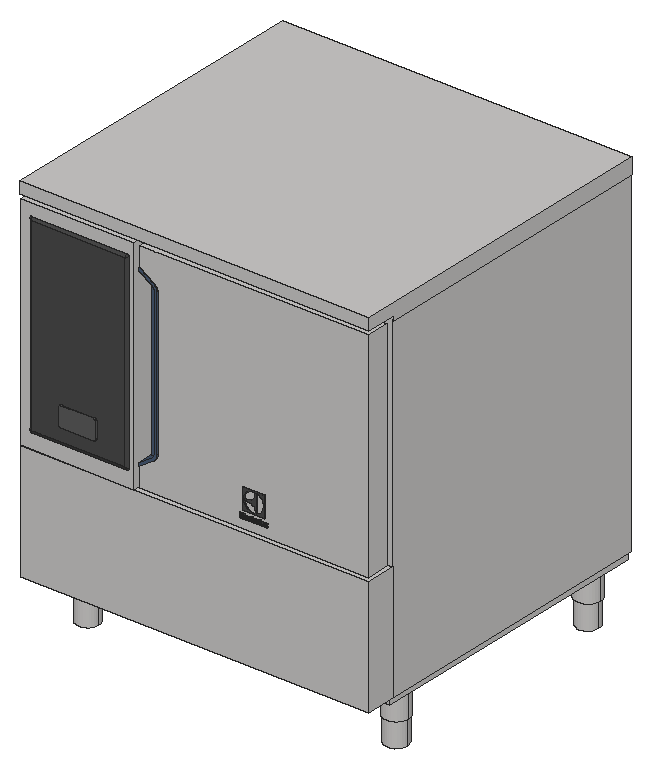
Revit family "QF_ELECTROLUXPROFESSIONAL_727783_EBFA61UTE", category Specialty Equipment, Revit 2018 (continued)
Automatic sketch dimensions
  Split face 46 sketch curve to Split face 46 sketch curve = 110.015 mm
  Split face 46 sketch curve to Split face 46 sketch curve = 5.027 mm
  Split face 47 sketch curve to Extrusion 9 = 81.175 mm
  Split face 47 sketch curve to Extrusion 9 = 377.596 mm
  Split face 47 sketch curve to Split face 47 sketch curve = 110.015 mm
  Split face 47 sketch curve to Split face 47 sketch curve = 5.027 mm
  Split face 48 sketch curve to Extrusion 9 = 71.703 mm
  Split face 48 sketch curve to Extrusion 9 = 377.596 mm
  Split face 48 sketch curve to Split face 48 sketch curve = 110.015 mm
  Split face 48 sketch curve to Split face 48 sketch curve = 5.027 mm
  Split face 49 sketch curve to Extrusion 9 = 62.231 mm
  Split face 49 sketch curve to Extrusion 9 = 377.596 mm
  Split face 49 sketch curve to Split face 49 sketch curve = 110.015 mm
  Split face 49 sketch curve to Split face 49 sketch curve = 5.027 mm
  Split face 50 sketch curve to Extrusion 9 = 52.758 mm
  Split face 50 sketch curve to Extrusion 9 = 377.596 mm
  Split face 50 sketch curve to Extrusion 9 = 47.731 mm
  Split face 50 sketch curve to Split face 50 sketch curve = 110.015 mm
  Split face 51 sketch curve to Extrusion 9 = 43.286 mm
  Split face 51 sketch curve to Extrusion 9 = 377.596 mm
  Split face 51 sketch curve to Extrusion 9 = 38.259 mm
  Split face 51 sketch curve to Split face 51 sketch curve = 110.015 mm
  Split face 52 sketch curve to Extrusion 9 = 33.814 mm
  Split face 52 sketch curve to Extrusion 9 = 377.596 mm
  Split face 52 sketch curve to Extrusion 9 = 28.787 mm
  Split face 52 sketch curve to Split face 52 sketch curve = 110.015 mm
  Split face 53 sketch curve to Extrusion 9 = 31.361 mm
  Split face 53 sketch curve to Extrusion 9 = 262.581 mm
  Split face 53 sketch curve to Extrusion 9 = 36.388 mm
  Split face 53 sketch curve to Split face 53 sketch curve = 110.015 mm
  Split face 54 sketch curve to Extrusion 9 = 40.833 mm
  Split face 54 sketch curve to Extrusion 9 = 262.581 mm
  Split face 54 sketch curve to Extrusion 9 = 45.86 mm
  Split face 54 sketch curve to Split face 54 sketch curve = 110.015 mm
  Split face 55 sketch curve to Extrusion 9 = 50.305 mm
  Split face 55 sketch curve to Extrusion 9 = 262.581 mm
  Split face 55 sketch curve to Split face 55 sketch curve = 110.015 mm
  Split face 55 sketch curve to Split face 55 sketch curve = 5.027 mm
  Split face 56 sketch curve to Extrusion 9 = 59.777 mm
  Split face 56 sketch curve to Extrusion 9 = 262.581 mm
  Split face 56 sketch curve to Split face 56 sketch curve = 110.015 mm
  Split face 56 sketch curve to Split face 56 sketch curve = 5.027 mm
  Split face 57 sketch curve to Extrusion 9 = 69.25 mm
  Split face 57 sketch curve to Extrusion 9 = 262.581 mm
  Split face 57 sketch curve to Split face 57 sketch curve = 110.015 mm
  Split face 57 sketch curve to Split face 57 sketch curve = 5.027 mm
  Split face 58 sketch curve to Extrusion 9 = 78.722 mm
  Split face 58 sketch curve to Extrusion 9 = 262.581 mm
  Split face 58 sketch curve to Split face 58 sketch curve = 110.015 mm
  Split face 58 sketch curve to Split face 58 sketch curve = 5.027 mm
  Split face 59 sketch curve to Extrusion 9 = 88.194 mm
  Split face 59 sketch curve to Extrusion 9 = 262.581 mm
  Split face 59 sketch curve to Split face 59 sketch curve = 110.015 mm
  Split face 59 sketch curve to Split face 59 sketch curve = 5.027 mm
  Split face 60 sketch curve to Extrusion 9 = 97.666 mm
  Split face 60 sketch curve to Extrusion 9 = 262.581 mm
  Split face 60 sketch curve to Split face 60 sketch curve = 110.015 mm
  Split face 60 sketch curve to Split face 60 sketch curve = 5.027 mm
  Split face 61 sketch curve to Extrusion 9 = 107.138 mm
  Split face 61 sketch curve to Extrusion 9 = 262.581 mm
  Split face 61 sketch curve to Split face 61 sketch curve = 110.015 mm
  Split face 61 sketch curve to Split face 61 sketch curve = 5.027 mm
  Split face 62 sketch curve to Extrusion 9 = 116.611 mm
  Split face 62 sketch curve to Extrusion 9 = 262.581 mm
  Split face 62 sketch curve to Split face 62 sketch curve = 110.015 mm
  Split face 62 sketch curve to Split face 62 sketch curve = 5.027 mm
  Split face 63 sketch curve to Extrusion 9 = 126.083 mm
  Split face 63 sketch curve to Extrusion 9 = 262.581 mm
  Split face 63 sketch curve to Split face 63 sketch curve = 110.015 mm
  Split face 63 sketch curve to Split face 63 sketch curve = 5.027 mm
  Split face 64 sketch curve to Extrusion 9 = 262.581 mm
  Split face 64 sketch curve to Split face 64 sketch curve = 110.015 mm
  Split face 64 sketch curve to Extrusion 9 = 135.555 mm
  Split face 64 sketch curve to Split face 64 sketch curve = 5.027 mm
  Split face 65 sketch curve to Extrusion 9 = 262.581 mm
  Split face 65 sketch curve to Split face 65 sketch curve = 110.015 mm
  Split face 65 sketch curve to Extrusion 9 = 145.027 mm
  Split face 65 sketch curve to Split face 65 sketch curve = 5.027 mm
  Split face 66 sketch curve to Extrusion 9 = 262.581 mm
  Split face 66 sketch curve to Split face 66 sketch curve = 110.015 mm
  Split face 66 sketch curve to Extrusion 9 = 147.48 mm
  Split face 66 sketch curve to Split face 66 sketch curve = 5.027 mm
  Split face 67 sketch curve to Extrusion 9 = 262.581 mm
  Split face 67 sketch curve to Split face 67 sketch curve = 110.015 mm
  Split face 67 sketch curve to Extrusion 9 = 138.008 mm
  Split face 67 sketch curve to Split face 67 sketch curve = 5.027 mm
  Split face 68 sketch curve to Extrusion 9 = 128.536 mm
  Split face 68 sketch curve to Extrusion 9 = 262.581 mm
  Split face 68 sketch curve to Split face 68 sketch curve = 110.015 mm
  Split face 68 sketch curve to Split face 68 sketch curve = 5.027 mm
  Split face 69 sketch curve to Extrusion 9 = 119.064 mm
  Split face 69 sketch curve to Extrusion 9 = 262.581 mm
  Split face 69 sketch curve to Split face 69 sketch curve = 110.015 mm
  Split face 69 sketch curve to Split face 69 sketch curve = 5.027 mm
  Split face 70 sketch curve to Extrusion 9 = 109.592 mm
  Split face 70 sketch curve to Extrusion 9 = 262.581 mm
  Split face 70 sketch curve to Split face 70 sketch curve = 110.015 mm
  Split face 70 sketch curve to Split face 70 sketch curve = 5.027 mm
  Split face 71 sketch curve to Extrusion 9 = 100.119 mm
  Split face 71 sketch curve to Extrusion 9 = 262.581 mm
  Split face 71 sketch curve to Split face 71 sketch curve = 110.015 mm
  Split face 71 sketch curve to Split face 71 sketch curve = 5.027 mm
  Split face 72 sketch curve to Extrusion 9 = 90.647 mm
  Split face 72 sketch curve to Extrusion 9 = 262.581 mm
  Split face 72 sketch curve to Split face 72 sketch curve = 110.015 mm
  Split face 72 sketch curve to Split face 72 sketch curve = 5.027 mm
  Split face 73 sketch curve to Extrusion 9 = 81.175 mm
  Split face 73 sketch curve to Extrusion 9 = 262.581 mm
  Split face 73 sketch curve to Split face 73 sketch curve = 110.015 mm
  Split face 73 sketch curve to Split face 73 sketch curve = 5.027 mm
  Split face 74 sketch curve to Extrusion 9 = 71.703 mm
  Split face 74 sketch curve to Extrusion 9 = 262.581 mm
  Split face 74 sketch curve to Split face 74 sketch curve = 110.015 mm
  Split face 74 sketch curve to Split face 74 sketch curve = 5.027 mm
  Split face 75 sketch curve to Extrusion 9 = 62.231 mm
  Split face 75 sketch curve to Extrusion 9 = 262.581 mm
  Split face 75 sketch curve to Split face 75 sketch curve = 110.015 mm
  Split face 75 sketch curve to Split face 75 sketch curve = 5.027 mm
  Split face 76 sketch curve to Extrusion 9 = 52.758 mm
  Split face 76 sketch curve to Extrusion 9 = 262.581 mm
  Split face 76 sketch curve to Extrusion 9 = 47.731 mm
  Split face 76 sketch curve to Split face 76 sketch curve = 110.015 mm
  Split face 77 sketch curve to Extrusion 9 = 43.286 mm
  Split face 77 sketch curve to Extrusion 9 = 262.581 mm
  Split face 77 sketch curve to Extrusion 9 = 38.259 mm
  Split face 77 sketch curve to Split face 77 sketch curve = 110.015 mm
  Split face 78 sketch curve to Extrusion 9 = 33.814 mm
  Split face 78 sketch curve to Extrusion 9 = 262.581 mm
  Split face 78 sketch curve to Extrusion 9 = 28.787 mm
  Split face 78 sketch curve to Split face 78 sketch curve = 110.015 mm
  Split face 79 sketch curve to Extrusion 9 = 31.361 mm
  Split face 79 sketch curve to Extrusion 9 = 147.565 mm
  Split face 79 sketch curve to Extrusion 9 = 36.388 mm
  Split face 79 sketch curve to Split face 79 sketch curve = 110.015 mm
  Split face 80 sketch curve to Extrusion 9 = 40.833 mm
  Split face 80 sketch curve to Extrusion 9 = 147.565 mm
  Split face 80 sketch curve to Extrusion 9 = 45.86 mm
  Split face 80 sketch curve to Split face 80 sketch curve = 110.015 mm
  Split face 81 sketch curve to Extrusion 9 = 50.305 mm
  Split face 81 sketch curve to Extrusion 9 = 147.565 mm
  Split face 81 sketch curve to Split face 81 sketch curve = 110.015 mm
  Split face 81 sketch curve to Split face 81 sketch curve = 5.027 mm
  Split face 82 sketch curve to Extrusion 9 = 59.777 mm
  Split face 82 sketch curve to Extrusion 9 = 147.565 mm
  Split face 82 sketch curve to Split face 82 sketch curve = 110.015 mm
  Split face 82 sketch curve to Split face 82 sketch curve = 5.027 mm
  Split face 83 sketch curve to Extrusion 9 = 69.25 mm
  Split face 83 sketch curve to Extrusion 9 = 147.565 mm
  Split face 83 sketch curve to Split face 83 sketch curve = 110.015 mm
  Split face 83 sketch curve to Split face 83 sketch curve = 5.027 mm
  Split face 84 sketch curve to Extrusion 9 = 147.565 mm
  Split face 84 sketch curve to Split face 84 sketch curve = 110.015 mm
  Split face 84 sketch curve to Extrusion 9 = 78.722 mm
  Split face 84 sketch curve to Split face 84 sketch curve = 5.027 mm
  Split face 85 sketch curve to Extrusion 9 = 147.565 mm
  Split face 85 sketch curve to Split face 85 sketch curve = 110.015 mm
  Split face 85 sketch curve to Extrusion 9 = 88.194 mm
  Split face 85 sketch curve to Split face 85 sketch curve = 5.027 mm
  Split face 86 sketch curve to Extrusion 9 = 147.565 mm
  Split face 86 sketch curve to Split face 86 sketch curve = 110.015 mm
  Split face 86 sketch curve to Extrusion 9 = 97.666 mm
  Split face 86 sketch curve to Split face 86 sketch curve = 5.027 mm
  Split face 87 sketch curve to Extrusion 9 = 147.565 mm
  Split face 87 sketch curve to Split face 87 sketch curve = 110.015 mm
  Split face 87 sketch curve to Extrusion 9 = 107.138 mm
  Split face 87 sketch curve to Split face 87 sketch curve = 5.027 mm
  Split face 88 sketch curve to Extrusion 9 = 147.565 mm
  Split face 88 sketch curve to Split face 88 sketch curve = 110.015 mm
  Split face 88 sketch curve to Extrusion 9 = 116.611 mm
  Split face 88 sketch curve to Split face 88 sketch curve = 5.027 mm
  Split face 89 sketch curve to Extrusion 9 = 147.565 mm
  Split face 89 sketch curve to Split face 89 sketch curve = 110.015 mm
  Split face 89 sketch curve to Extrusion 9 = 126.083 mm
  Split face 89 sketch curve to Split face 89 sketch curve = 5.027 mm
  Split face 90 sketch curve to Extrusion 9 = 147.565 mm
  Split face 90 sketch curve to Split face 90 sketch curve = 110.015 mm
  Split face 90 sketch curve to Extrusion 9 = 135.555 mm
  Split face 90 sketch curve to Split face 90 sketch curve = 5.027 mm
  Split face 91 sketch curve to Extrusion 9 = 147.565 mm
  Split face 91 sketch curve to Split face 91 sketch curve = 110.015 mm
  Split face 91 sketch curve to Extrusion 9 = 145.027 mm
  Split face 91 sketch curve to Split face 91 sketch curve = 5.027 mm
  Split face 92 sketch curve to Extrusion 9 = 147.565 mm
  Split face 92 sketch curve to Split face 92 sketch curve = 110.015 mm
  Split face 92 sketch curve to Extrusion 9 = 147.48 mm
  Split face 92 sketch curve to Split face 92 sketch curve = 5.027 mm
  Split face 93 sketch curve to Extrusion 9 = 147.565 mm
  Split face 93 sketch curve to Split face 93 sketch curve = 110.015 mm
  Split face 93 sketch curve to Extrusion 9 = 138.008 mm
  Split face 93 sketch curve to Split face 93 sketch curve = 5.027 mm
  Split face 94 sketch curve to Extrusion 9 = 147.565 mm
  Split face 94 sketch curve to Split face 94 sketch curve = 110.015 mm
  Split face 94 sketch curve to Extrusion 9 = 128.536 mm
  Split face 94 sketch curve to Split face 94 sketch curve = 5.027 mm
  Split face 95 sketch curve to Extrusion 9 = 147.565 mm
  Split face 95 sketch curve to Split face 95 sketch curve = 110.015 mm
  Split face 95 sketch curve to Extrusion 9 = 119.064 mm
  Split face 95 sketch curve to Split face 95 sketch curve = 5.027 mm
  Split face 96 sketch curve to Extrusion 9 = 147.565 mm
  Split face 96 sketch curve to Split face 96 sketch curve = 110.015 mm
  Split face 96 sketch curve to Extrusion 9 = 109.592 mm
  Split face 96 sketch curve to Split face 96 sketch curve = 5.027 mm
  Split face 97 sketch curve to Extrusion 9 = 147.565 mm
  Split face 97 sketch curve to Split face 97 sketch curve = 110.015 mm
  Split face 97 sketch curve to Extrusion 9 = 100.119 mm
  Split face 97 sketch curve to Split face 97 sketch curve = 5.027 mm
  Split face 98 sketch curve to Extrusion 9 = 147.565 mm
  Split face 98 sketch curve to Split face 98 sketch curve = 110.015 mm
  Split face 98 sketch curve to Extrusion 9 = 90.647 mm
  Split face 98 sketch curve to Split face 98 sketch curve = 5.027 mm
  Split face 99 sketch curve to Extrusion 9 = 147.565 mm
  Split face 99 sketch curve to Split face 99 sketch curve = 110.015 mm
  Split face 99 sketch curve to Extrusion 9 = 81.175 mm
  Split face 99 sketch curve to Split face 99 sketch curve = 5.027 mm
  Split face 100 sketch curve to Extrusion 9 = 71.703 mm
  Split face 100 sketch curve to Extrusion 9 = 147.565 mm
  Split face 100 sketch curve to Split face 100 sketch curve = 110.015 mm
  Split face 100 sketch curve to Split face 100 sketch curve = 5.027 mm
  Split face 101 sketch curve to Extrusion 9 = 62.231 mm
  Split face 101 sketch curve to Extrusion 9 = 147.565 mm
  Split face 101 sketch curve to Split face 101 sketch curve = 110.015 mm
  Split face 101 sketch curve to Split face 101 sketch curve = 5.027 mm
  Split face 102 sketch curve to Extrusion 9 = 52.758 mm
  Split face 102 sketch curve to Extrusion 9 = 147.565 mm
  Split face 102 sketch curve to Extrusion 9 = 47.731 mm
  Split face 102 sketch curve to Split face 102 sketch curve = 110.015 mm
  Split face 103 sketch curve to Extrusion 9 = 43.286 mm
  Split face 103 sketch curve to Extrusion 9 = 147.565 mm
  Split face 103 sketch curve to Extrusion 9 = 38.259 mm
  Split face 103 sketch curve to Split face 103 sketch curve = 110.015 mm
  Split face 104 sketch curve to Extrusion 9 = 33.814 mm
  Split face 104 sketch curve to Extrusion 9 = 147.565 mm
  Split face 104 sketch curve to Extrusion 9 = 28.787 mm
  Split face 104 sketch curve to Split face 104 sketch curve = 110.015 mm
  Split face 105 sketch curve to Extrusion 9 = 32.55 mm
  Split face 105 sketch curve to Extrusion 9 = 36.388 mm
  Split face 105 sketch curve to Split face 105 sketch curve = 110.015 mm
  Split face 105 sketch curve to Split face 105 sketch curve = 5.027 mm
  Split face 106 sketch curve to Extrusion 9 = 32.55 mm
  Split face 106 sketch curve to Extrusion 9 = 45.86 mm
  Split face 106 sketch curve to Split face 106 sketch curve = 110.015 mm
  Split face 106 sketch curve to Split face 106 sketch curve = 5.027 mm
  Split face 107 sketch curve to Extrusion 9 = 32.55 mm
  Split face 107 sketch curve to Split face 107 sketch curve = 110.015 mm
  Split face 107 sketch curve to Extrusion 9 = 50.305 mm
  Split face 107 sketch curve to Split face 107 sketch curve = 5.027 mm
  Split face 108 sketch curve to Extrusion 9 = 32.55 mm
  Split face 108 sketch curve to Split face 108 sketch curve = 110.015 mm
  Split face 108 sketch curve to Extrusion 9 = 59.777 mm
  Split face 108 sketch curve to Split face 108 sketch curve = 5.027 mm
  Split face 109 sketch curve to Extrusion 9 = 32.55 mm
  Split face 109 sketch curve to Split face 109 sketch curve = 110.015 mm
  Split face 109 sketch curve to Extrusion 9 = 69.25 mm
  Split face 109 sketch curve to Split face 109 sketch curve = 5.027 mm
  Split face 110 sketch curve to Extrusion 9 = 32.55 mm
  Split face 110 sketch curve to Split face 110 sketch curve = 110.015 mm
  Split face 110 sketch curve to Extrusion 9 = 78.722 mm
  Split face 110 sketch curve to Split face 110 sketch curve = 5.027 mm
  Split face 111 sketch curve to Extrusion 9 = 32.55 mm
  Split face 111 sketch curve to Split face 111 sketch curve = 110.015 mm
  Split face 111 sketch curve to Extrusion 9 = 88.194 mm
  Split face 111 sketch curve to Split face 111 sketch curve = 5.027 mm
  Split face 112 sketch curve to Extrusion 9 = 32.55 mm
  Split face 112 sketch curve to Split face 112 sketch curve = 110.015 mm
  Split face 112 sketch curve to Extrusion 9 = 97.666 mm
  Split face 112 sketch curve to Split face 112 sketch curve = 5.027 mm
  Split face 113 sketch curve to Extrusion 9 = 32.55 mm
  Split face 113 sketch curve to Split face 113 sketch curve = 110.015 mm
  Split face 113 sketch curve to Extrusion 9 = 107.138 mm
  Split face 113 sketch curve to Split face 113 sketch curve = 5.027 mm
  Split face 114 sketch curve to Extrusion 9 = 32.55 mm
  Split face 114 sketch curve to Split face 114 sketch curve = 110.015 mm
  Split face 114 sketch curve to Extrusion 9 = 116.611 mm
  Split face 114 sketch curve to Split face 114 sketch curve = 5.027 mm
  Split face 115 sketch curve to Extrusion 9 = 32.55 mm
  Split face 115 sketch curve to Split face 115 sketch curve = 110.015 mm
  Split face 115 sketch curve to Extrusion 9 = 126.083 mm
  Split face 115 sketch curve to Split face 115 sketch curve = 5.027 mm
  Split face 116 sketch curve to Extrusion 9 = 32.55 mm
  Split face 116 sketch curve to Split face 116 sketch curve = 110.015 mm
  Split face 116 sketch curve to Extrusion 9 = 135.555 mm
  Split face 116 sketch curve to Split face 116 sketch curve = 5.027 mm
  Split face 117 sketch curve to Extrusion 9 = 32.55 mm
  Split face 117 sketch curve to Split face 117 sketch curve = 110.015 mm
  Split face 117 sketch curve to Extrusion 9 = 145.027 mm
  Split face 117 sketch curve to Split face 117 sketch curve = 5.027 mm
  Split face 118 sketch curve to Extrusion 9 = 32.55 mm
  Split face 118 sketch curve to Split face 118 sketch curve = 110.015 mm
  Split face 118 sketch curve to Extrusion 9 = 147.48 mm
  Split face 118 sketch curve to Split face 118 sketch curve = 5.027 mm
  Split face 119 sketch curve to Extrusion 9 = 32.55 mm
  Split face 119 sketch curve to Split face 119 sketch curve = 110.015 mm
  Split face 119 sketch curve to Extrusion 9 = 138.008 mm
  Split face 119 sketch curve to Split face 119 sketch curve = 5.027 mm
  Split face 120 sketch curve to Extrusion 9 = 32.55 mm
  Split face 120 sketch curve to Split face 120 sketch curve = 110.015 mm
  Split face 120 sketch curve to Extrusion 9 = 128.536 mm
  Split face 120 sketch curve to Split face 120 sketch curve = 5.027 mm
  Split face 121 sketch curve to Extrusion 9 = 32.55 mm
  Split face 121 sketch curve to Split face 121 sketch curve = 110.015 mm
  Split face 121 sketch curve to Extrusion 9 = 119.064 mm
  Split face 121 sketch curve to Split face 121 sketch curve = 5.027 mm
  Split face 122 sketch curve to Extrusion 9 = 32.55 mm
  Split face 122 sketch curve to Split face 122 sketch curve = 110.015 mm
  Split face 122 sketch curve to Extrusion 9 = 109.592 mm
  Split face 122 sketch curve to Split face 122 sketch curve = 5.027 mm
  Split face 123 sketch curve to Extrusion 9 = 32.55 mm
  Split face 123 sketch curve to Split face 123 sketch curve = 110.015 mm
  Split face 123 sketch curve to Extrusion 9 = 100.119 mm
  Split face 123 sketch curve to Split face 123 sketch curve = 5.027 mm
  Split face 124 sketch curve to Extrusion 9 = 32.55 mm
  Split face 124 sketch curve to Split face 124 sketch curve = 110.015 mm
  Split face 124 sketch curve to Extrusion 9 = 90.647 mm
  Split face 124 sketch curve to Split face 124 sketch curve = 5.027 mm
  Split face 125 sketch curve to Extrusion 9 = 32.55 mm
  Split face 125 sketch curve to Split face 125 sketch curve = 110.015 mm
  Split face 125 sketch curve to Extrusion 9 = 81.175 mm
  Split face 125 sketch curve to Split face 125 sketch curve = 5.027 mm
  Split face 126 sketch curve to Extrusion 9 = 32.55 mm
  Split face 126 sketch curve to Split face 126 sketch curve = 110.015 mm
  Split face 126 sketch curve to Extrusion 9 = 71.703 mm
  Split face 126 sketch curve to Split face 126 sketch curve = 5.027 mm
  Split face 127 sketch curve to Extrusion 9 = 32.55 mm
  Split face 127 sketch curve to Split face 127 sketch curve = 110.015 mm
  Split face 127 sketch curve to Extrusion 9 = 62.231 mm
  Split face 127 sketch curve to Split face 127 sketch curve = 5.027 mm
  Split face 128 sketch curve to Extrusion 9 = 32.55 mm
  Split face 128 sketch curve to Extrusion 9 = 47.731 mm
  Split face 128 sketch curve to Split face 128 sketch curve = 110.015 mm
  Split face 128 sketch curve to Split face 128 sketch curve = 5.027 mm
  Split face 129 sketch curve to Extrusion 9 = 32.55 mm
  Split face 129 sketch curve to Extrusion 9 = 38.259 mm
  Split face 129 sketch curve to Split face 129 sketch curve = 110.015 mm
  Split face 129 sketch curve to Split face 129 sketch curve = 5.027 mm
  Split face 130 sketch curve to Extrusion 9 = 32.55 mm
  Split face 130 sketch curve to Extrusion 9 = 28.787 mm
  Split face 130 sketch curve to Split face 130 sketch curve = 110.015 mm
  Split face 130 sketch curve to Split face 130 sketch curve = 5.027 mm
  Extrusion 13 sketch curve to plane 5 "BACK" = 0 mm  (x2)
  Extrusion 13 sketch curve to plane 15 = 0 mm  (x2)
  Extrusion 13 sketch curve to plane 3 "Center Y" = 141.58 mm
  Extrusion 13 sketch curve to Extrusion 13 sketch curve = 1.631 mm  (x2)
  Extrusion 13 sketch curve to Extrusion 13 sketch curve = 9.723 mm
  plane 10 to Extrusion 13 sketch curve = 80.967 mm
  plane 10 to Extrusion 13 sketch curve = 72.875 mm
  Extrusion 14 sketch curve to plane 14 = 0.005 mm
  plane 7 "FRONT" to Extrusion 14 sketch curve = 0 mm
  plane 16 to Extrusion 14 sketch curve = 47.24 mm
  Extrusion 14 sketch curve to Extrusion 14 sketch curve = 8.487 mm
  Extrusion 14 sketch curve to Extrusion 14 sketch curve = 8.95 mm
  Extrusion 14 sketch curve to Extrusion 14 sketch curve = 10.513 mm
  Extrusion 14 sketch curve to Extrusion 14 sketch curve = 20 mm
  Extrusion 14 sketch curve to Extrusion 14 sketch curve = 35.79 mm
  Extrusion 14 sketch curve to Extrusion 14 sketch curve = 36.253 mm
  Extrusion 14 sketch curve to Extrusion 14 sketch curve = 51.135 mm
  Extrusion 14 sketch curve to Extrusion 14 sketch curve = 24.082 mm
  Extrusion 14 sketch curve to Extrusion 14 sketch curve = 374.913 mm
  Extrusion 14 sketch curve to Extrusion 14 sketch curve = 23.723 mm
  plane 8 to Extrusion 14 sketch curve = 332.497 mm
  Extrusion 15 sketch curve to Extrusion 14 = 0 mm  (x6)
  Extrusion 14 to Extrusion 15 sketch curve = 0 mm  (x2)
  Extrusion 14 to Extrusion 15 sketch curve = 8.487 mm
  Extrusion 14 to Extrusion 15 sketch curve = 8.95 mm
  Extrusion 15 sketch curve to Extrusion 15 sketch curve = 11.05 mm
  Extrusion 16 sketch curve to Extrusion 16 sketch curve = 0 mm  (x2)
  Extrusion 16 sketch curve to Extrusion 14 = 0 mm  (x5)
  Extrusion 14 to Extrusion 16 sketch curve = 2.5 mm  (x2)
  Extrusion 16 sketch curve to Extrusion 16 sketch curve = 13.5 mm
  Extrusion 14 to Extrusion 16 sketch curve = 12.541 mm
  Extrusion 16 sketch curve to Extrusion 16 sketch curve = 5.583 mm
  Extrusion 16 sketch curve to Extrusion 16 sketch curve = 3.591 mm
  Extrusion 16 sketch curve to Extrusion 16 sketch curve = 3.597 mm
  Extrusion 16 sketch curve to Extrusion 16 sketch curve = 6.141 mm
  Extrusion 16 sketch curve to Extrusion 16 sketch curve = 6.143 mm
  Extrusion 17 sketch curve to plane 7 "FRONT" = 0 mm
  plane 16 to Extrusion 17 sketch curve = 2.5 mm
  Extrusion 17 sketch curve to plane 12 = 2 mm
  Extrusion 17 sketch curve to plane 6 "RIGHT" = 21.029 mm
  plane 7 "FRONT" to Extrusion 17 sketch curve = 16.966 mm
  curve 15 to plane 7 "FRONT" = 0 mm
  curve 3 to plane 6 "RIGHT" = 0 mm
  curve 17 to plane 7 "FRONT" = 0 mm
  curve 10 to plane 5 "BACK" = 0 mm
  curve 10 to plane 15 = 0 mm
  curve 2 to plane 4 "LEFT" = 0 mm
  plane 16 to curve 15 = 2.5 mm
  plane 6 "RIGHT" to curve 15 = 6 mm
  curve 14 to plane 6 "RIGHT" = 21.029 mm
  curve 16 to plane 12 = 2 mm
  curve 10 to plane 3 "Center Y" = 151.303 mm
  curve 6 to plane 7 "FRONT" = 5 mm
  curve 6 to plane 3 "Center Y" = 176 mm
  plane 10 to curve 8 = 80.967 mm
  plane 10 to curve 12 = 22.5 mm
  plane 10 to curve 13 = 1.5 mm
  curve 5 to plane 10 = 17.5 mm
  curve 13 to curve 13 = 29 mm
  plane 7 "FRONT" to curve 14 = 16.966 mm
  curve 10 to curve 9 = 8.092 mm
  curve 6 to curve 5 = 8 mm
  curve 8 to curve 12 = 50.375 mm
  curve 5 to curve 7 = 8 mm
  radius of Extrusion 5 sketch curve = 10.5 mm
  radius of Extrusion 6 sketch curve to Extrusion 2 = 0 mm
  radius of Extrusion 7 sketch curve to Extrusion 2 = 0 mm
  radius of Extrusion 7 sketch curve to Extrusion 2 = 6.5 mm
  radius of Extrusion 12 sketch curve = 9.5 mm
  radius of Extrusion 15 sketch curve to Extrusion 14 = 0 mm
  radius of Extrusion 16 sketch curve to Extrusion 14 = 0 mm
  radius of Extrusion 16 sketch curve to Extrusion 14 = 6.5 mm
Nested families
  nested 1: "Foot_Complete" at (-708, -142.149, 0), type "Foot_Complete"
    with H 130 mm
  nested 2: "Foot_Complete" at (85, -142.149, 0), type "Foot_Complete"
    with H 130 mm
  nested 3: "Foot_Complete" at (85, 473.851, 0), type "Foot_Complete"
    with H 130 mm
  nested 4: "Foot_Complete" at (-708, 473.851, 0), type "Foot_Complete"
    with H 130 mm
  nested 5: "ELX_Logo_S_New" at (-157.603, -295.149, 492.497) x (1, 0, 0) z (0, -1, 0), visible <- "Show Logo", type "ELX_Logo_S_New"
    with M QF_Finishes_Black
  nested 6: "ELX_Logo_Symbol" at (-157.603, -295.149, 532.497) x (-1, 0, 0) z (0, -1, 0), visible <- "Show Logo", type "ELX_Logo_Symbol"
    with M QF_Finishes_Black
  nested 7: "ELX_Touch" at (-606.5, -295.149, 741.265) x (1, 0, 0) z (0, -1, 0), type "ELX_Touch"
Connectors
  electrical at (-696, 577.851, 258), driven by "Volts"
    settings: on Extrusion 5, index 5, voltage 380 V, apparent load 0 VA, apparent load phase1 0 VA, apparent load phase2 0 VA, apparent load phase3 0 VA, power factor 1, load classification "Altro", number of poles 1, system type 30, power factor state 1, is connector primary yes, connector utility no, sub classification motor no, connector description "Electrical Connection"
  piping at (-360, 215.851, 98.32), diameter 19
    settings: on cut or joined group of Extrusion 1, Extrusion 3, Extrusion 4, Extrusion 5, Extrusion 10, Extrusion 11, Extrusion 12, Extrusion 13, index 6, connector inside diameter 609.6 mm, connector length 0 mm, flow factor 0, pipe flow 0.0 L/s, pressure drop 0.0 Pa, fitting loss kfactor 0, connector angle 0.00°, fixture units 0, engagement length 0 mm, angle of deflection 0.00°, flow configuration 1, flow direction 2, fitting loss method 0, system type 16, joint type 0, gender type 0, connector reference index -1, connector utility 0, adjustable connector no, is connector primary yes, connector description "Drain"
Definition of nested family "Foot_Complete"
  Parameters
    R = 32 mm
    H = 150 mm
  Reference planes
    plane 1 "Centro (Fronte/Retro)": y = 0
    plane 2: z = 0
    plane 3 "Centro (Sinistra/Destra)": x = 0
    plane 4: z = 150
  Forms (mm)
    Revolve 1, solid
      sketch origin (255.05, 0, 608.09) x (0, 0, 1) y (-1, 0, 0)
        loop
          line (-608.09, 255.05) -> (-608.09, 226.55) -> (-544.09, 226.55) -> (-544.09, 223.05) -> (-458.09, 223.05) -> (-458.09, 255.05) -> (-608.09, 255.05)
        axis (-608.09, 255.05) -> (-458.09, 255.05)
      angle from 0 to 360
  Dimensions and locks
    locked: level to Revolve 1 sketch curve at 64
    "R": Revolve 1 sketch curve to plane 3 "Centro (Sinistra/Destra)"
    "H": plane 4 to level
    aligned and locked: level to plane 2
    aligned and locked: plane 4 to Revolve 1 sketch curve
    aligned and locked: Revolve 1 sketch curve to level
    aligned and locked: plane 3 "Centro (Sinistra/Destra)" to Revolve 1 sketch curve
  Automatic sketch dimensions
    Revolve 1 sketch curve to plane 3 "Centro (Sinistra/Destra)" = 0 mm
    plane 3 "Centro (Sinistra/Destra)" to Revolve 1 sketch curve = 28.5 mm
    Revolve 1 sketch curve to Revolve 1 sketch curve = 50 mm
    Revolve 1 sketch curve to Revolve 1 sketch curve = 20 mm
Definition of nested family "ELX_Logo_S_New"
  Parameters
    Default Elevation = 0 mm
    M [instance] = none
  Reference planes
    plane 1 "Centro (Fronte/Retro)": y = 0
    plane 2: z = 0
    plane 3 "Centro (Sinistra/Destra)": x = 0
  Forms (mm)
    Extrusion 1, solid
      sketch origin (0, 0, 0) x (1, 0, 0) y (0, 1, 0)
        loop
          line (-1219.2, 1219.2) -> (-1219.2, -1219.2) -> (1219.2, -1219.2) -> (1219.2, 1219.2) -> (-1219.2, 1219.2)
      from 0 to -304.8
    Extrusion 2, solid, material <- "M"
      sketch origin (0, 0, 0) x (1, 0, 0) y (0, 1, 0)
        loop
          spline (-32.537, -4.135) -> (-32.702, -4.128) -> (-32.877, -4.105) -> (-33.059, -4.064) -> (-33.242, -4.002) -> (-33.422, -3.916) -> (-33.593, -3.803) -> (-33.751, -3.66) -> (-33.891, -3.486) -> (-34.008, -3.276) -> (-34.098, -3.029) -> (-34.155, -2.741) -> (-34.176, -2.41)
          line (-34.176, -2.41) -> (-34.176, -0.943) -> (-29.331, -0.943) -> (-29.331, 0.928) -> (-34.176, 0.928) -> (-34.176, 3.652) -> (-29.023, 3.652) -> (-29.023, 5.518) -> (-36.159, 5.518) -> (-36.159, -2.326)
          spline (-36.159, -2.326) -> (-36.142, -2.808) -> (-36.088, -3.263) -> (-35.996, -3.688) -> (-35.867, -4.083) -> (-35.698, -4.445) -> (-35.489, -4.773) -> (-35.239, -5.066) -> (-34.946, -5.322) -> (-34.61, -5.539) -> (-34.23, -5.716) -> (-33.804, -5.851) -> (-33.332, -5.943)
          line (-33.332, -5.943) -> (-32.554, -5.999) -> (-28.885, -5.999) -> (-28.885, -4.135) -> (-32.537, -4.135)
        loop
          line (-27.476, 0.076) -> (-27.476, -6.002) -> (-25.492, -6.002) -> (-25.492, 5.521) -> (-27.476, 5.521) -> (-27.476, 0.076)
        loop
          spline (-15.702, -2.321) -> (-15.689, -1.697) -> (-15.749, -1.094) -> (-15.879, -0.516) -> (-16.078, 0.029) -> (-16.341, 0.538) -> (-16.668, 1.004) -> (-17.055, 1.422) -> (-17.5, 1.786) -> (-17.999, 2.091) -> (-18.552, 2.331) -> (-19.154, 2.5) -> (-19.804, 2.594)
          spline (-19.804, 2.594) -> (-20.422, 2.558) -> (-21.009, 2.453) -> (-21.56, 2.28) -> (-22.072, 2.042) -> (-22.54, 1.743) -> (-22.96, 1.385) -> (-23.327, 0.97) -> (-23.638, 0.502) -> (-23.887, -0.018) -> (-24.07, -0.586) -> (-24.183, -1.2) -> (-24.222, -1.857)
          spline (-24.222, -1.857) -> (-24.184, -2.498) -> (-24.074, -3.097) -> (-23.895, -3.652) -> (-23.651, -4.16) -> (-23.344, -4.618) -> (-22.979, -5.023) -> (-22.559, -5.374) -> (-22.087, -5.667) -> (-21.567, -5.899) -> (-21.003, -6.068) -> (-20.397, -6.172) -> (-19.754, -6.207)
          spline (-19.754, -6.207) -> (-19.44, -6.2) -> (-19.13, -6.176) -> (-18.823, -6.135) -> (-18.52, -6.074) -> (-18.221, -5.993) -> (-17.925, -5.89) -> (-17.634, -5.762) -> (-17.346, -5.609) -> (-17.062, -5.43) -> (-16.782, -5.221) -> (-16.506, -4.983) -> (-16.234, -4.713)
          line (-16.234, -4.713) -> (-17.429, -3.55)
          spline (-17.429, -3.55) -> (-17.587, -3.702) -> (-17.745, -3.841) -> (-17.906, -3.967) -> (-18.07, -4.08) -> (-18.239, -4.181) -> (-18.415, -4.268) -> (-18.599, -4.343) -> (-18.792, -4.404) -> (-18.996, -4.452) -> (-19.213, -4.486) -> (-19.443, -4.506) -> (-19.688, -4.513)
          spline (-19.688, -4.513) -> (-20.047, -4.496) -> (-20.383, -4.443) -> (-20.696, -4.358) -> (-20.984, -4.24) -> (-21.246, -4.092) -> (-21.479, -3.915) -> (-21.683, -3.711) -> (-21.856, -3.48) -> (-21.997, -3.224) -> (-22.104, -2.945) -> (-22.176, -2.643) -> (-22.212, -2.321)
          line (-22.212, -2.321) -> (-15.702, -2.321)
        loop
          spline (-17.695, -0.926) -> (-17.714, -0.681) -> (-17.771, -0.445) -> (-17.861, -0.221) -> (-17.984, -0.01) -> (-18.135, 0.184) -> (-18.314, 0.36) -> (-18.516, 0.516) -> (-18.741, 0.648) -> (-18.984, 0.755) -> (-19.244, 0.834) -> (-19.518, 0.883) -> (-19.804, 0.9)
          spline (-19.804, 0.9) -> (-20.11, 0.884) -> (-20.405, 0.835) -> (-20.686, 0.757) -> (-20.95, 0.652) -> (-21.195, 0.521) -> (-21.419, 0.367) -> (-21.618, 0.192) -> (-21.79, -0.003) -> (-21.934, -0.214) -> (-22.045, -0.439) -> (-22.122, -0.678) -> (-22.162, -0.926)
          line (-22.162, -0.926) -> (-17.695, -0.926)
        loop
          spline (-12.669, -1.807) -> (-12.646, -1.438) -> (-12.58, -1.088) -> (-12.472, -0.759) -> (-12.326, -0.455) -> (-12.145, -0.177) -> (-11.93, 0.072) -> (-11.685, 0.289) -> (-11.412, 0.473) -> (-11.114, 0.62) -> (-10.793, 0.728) -> (-10.453, 0.794) -> (-10.095, 0.817)
          spline (-10.095, 0.817) -> (-9.876, 0.81) -> (-9.665, 0.79) -> (-9.464, 0.756) -> (-9.271, 0.709) -> (-9.086, 0.65) -> (-8.908, 0.578) -> (-8.737, 0.495) -> (-8.572, 0.399) -> (-8.414, 0.292) -> (-8.261, 0.173) -> (-8.113, 0.044) -> (-7.969, -0.096)
          line (-7.969, -0.096) -> (-6.741, 1.183)
          spline (-6.741, 1.183) -> (-6.985, 1.427) -> (-7.237, 1.647) -> (-7.496, 1.843) -> (-7.762, 2.015) -> (-8.034, 2.164) -> (-8.312, 2.291) -> (-8.596, 2.397) -> (-8.886, 2.482) -> (-9.181, 2.546) -> (-9.481, 2.592) -> (-9.786, 2.619) -> (-10.095, 2.627)
          spline (-10.095, 2.627) -> (-10.715, 2.589) -> (-11.308, 2.476) -> (-11.871, 2.294) -> (-12.396, 2.046) -> (-12.88, 1.736) -> (-13.316, 1.369) -> (-13.7, 0.949) -> (-14.026, 0.48) -> (-14.289, -0.035) -> (-14.483, -0.59) -> (-14.604, -1.182) -> (-14.645, -1.807)
          spline (-14.645, -1.807) -> (-14.604, -2.431) -> (-14.483, -3.023) -> (-14.289, -3.578) -> (-14.026, -4.093) -> (-13.7, -4.562) -> (-13.316, -4.983) -> (-12.88, -5.35) -> (-12.396, -5.659) -> (-11.871, -5.907) -> (-11.308, -6.09) -> (-10.715, -6.202) -> (-10.095, -6.24)
          spline (-10.095, -6.24) -> (-9.786, -6.232) -> (-9.481, -6.205) -> (-9.181, -6.16) -> (-8.886, -6.095) -> (-8.596, -6.01) -> (-8.312, -5.904) -> (-8.034, -5.777) -> (-7.762, -5.628) -> (-7.496, -5.456) -> (-7.237, -5.26) -> (-6.985, -5.04) -> (-6.741, -4.796)
          line (-6.741, -4.796) -> (-7.969, -3.517)
          spline (-7.969, -3.517) -> (-8.113, -3.657) -> (-8.261, -3.786) -> (-8.414, -3.905) -> (-8.572, -4.012) -> (-8.737, -4.108) -> (-8.908, -4.192) -> (-9.086, -4.263) -> (-9.271, -4.323) -> (-9.464, -4.369) -> (-9.665, -4.403) -> (-9.876, -4.423) -> (-10.095, -4.43)
          spline (-10.095, -4.43) -> (-10.453, -4.408) -> (-10.793, -4.341) -> (-11.114, -4.233) -> (-11.412, -4.086) -> (-11.685, -3.902) -> (-11.93, -3.685) -> (-12.145, -3.436) -> (-12.326, -3.158) -> (-12.472, -2.854) -> (-12.58, -2.526) -> (-12.646, -2.176) -> (-12.669, -1.807)
        loop
          spline (-1.683, -4.138) -> (-1.858, -4.14) -> (-2.045, -4.127) -> (-2.24, -4.095) -> (-2.438, -4.04) -> (-2.633, -3.959) -> (-2.822, -3.85) -> (-2.998, -3.709) -> (-3.157, -3.533) -> (-3.294, -3.318) -> (-3.404, -3.061) -> (-3.483, -2.76) -> (-3.524, -2.411)
          line (-3.524, -2.411) -> (-3.524, 0.529) -> (-1.72, 0.529) -> (-1.72, 2.331) -> (-3.522, 2.331) -> (-3.522, 5.521) -> (-5.506, 5.521) -> (-5.506, -2.523)
          spline (-5.506, -2.523) -> (-5.463, -2.99) -> (-5.386, -3.429) -> (-5.274, -3.839) -> (-5.126, -4.218) -> (-4.941, -4.564) -> (-4.717, -4.877) -> (-4.455, -5.155) -> (-4.153, -5.396) -> (-3.81, -5.599) -> (-3.425, -5.762) -> (-2.998, -5.884) -> (-2.528, -5.964)
          line (-2.528, -5.964) -> (-1.69, -6.002) -> (-1.683, -4.138)
        loop
          spline (4.991, 2.446) -> (4.648, 2.468) -> (4.318, 2.461) -> (4.001, 2.429) -> (3.699, 2.371) -> (3.413, 2.288) -> (3.142, 2.182) -> (2.89, 2.052) -> (2.655, 1.901) -> (2.439, 1.728) -> (2.244, 1.535) -> (2.069, 1.322) -> (1.917, 1.091)
          line (1.917, 1.091) -> (1.917, 2.33) -> (-0.051, 2.33) -> (-0.051, -6.002) -> (1.917, -6.002) -> (1.917, -1.621)
          spline (1.917, -1.621) -> (1.935, -1.288) -> (1.988, -0.979) -> (2.075, -0.693) -> (2.195, -0.432) -> (2.345, -0.197) -> (2.526, 0.01) -> (2.736, 0.189) -> (2.972, 0.338) -> (3.235, 0.456) -> (3.522, 0.541) -> (3.832, 0.594) -> (4.165, 0.611)
          line (4.165, 0.611) -> (4.991, 0.529) -> (4.991, 2.446)
        loop
          spline (14.388, -1.836) -> (14.347, -1.224) -> (14.226, -0.642) -> (14.031, -0.093) -> (13.768, 0.418) -> (13.441, 0.887) -> (13.057, 1.308) -> (12.621, 1.677) -> (12.137, 1.989) -> (11.612, 2.24) -> (11.051, 2.425) -> (10.459, 2.539) -> (9.842, 2.578)
          spline (9.842, 2.578) -> (9.221, 2.539) -> (8.627, 2.425) -> (8.064, 2.24) -> (7.539, 1.989) -> (7.056, 1.677) -> (6.62, 1.308) -> (6.237, 0.887) -> (5.912, 0.418) -> (5.65, -0.093) -> (5.456, -0.642) -> (5.336, -1.224) -> (5.295, -1.836)
          spline (5.295, -1.836) -> (5.336, -2.447) -> (5.456, -3.029) -> (5.65, -3.578) -> (5.912, -4.089) -> (6.237, -4.558) -> (6.62, -4.979) -> (7.056, -5.348) -> (7.539, -5.66) -> (8.064, -5.911) -> (8.627, -6.096) -> (9.221, -6.211) -> (9.842, -6.25)
          spline (9.842, -6.25) -> (10.459, -6.211) -> (11.051, -6.096) -> (11.612, -5.911) -> (12.137, -5.66) -> (12.621, -5.348) -> (13.057, -4.979) -> (13.441, -4.558) -> (13.768, -4.089) -> (14.031, -3.578) -> (14.226, -3.029) -> (14.347, -2.447) -> (14.388, -1.836)
        loop
          spline (12.42, -1.836) -> (12.397, -1.475) -> (12.33, -1.131) -> (12.222, -0.807) -> (12.075, -0.504) -> (11.893, -0.227) -> (11.677, 0.022) -> (11.431, 0.241) -> (11.157, 0.426) -> (10.859, 0.575) -> (10.538, 0.685) -> (10.198, 0.753) -> (9.842, 0.777)
          spline (9.842, 0.777) -> (9.482, 0.753) -> (9.14, 0.685) -> (8.818, 0.575) -> (8.519, 0.426) -> (8.246, 0.241) -> (8.001, 0.022) -> (7.786, -0.227) -> (7.605, -0.504) -> (7.459, -0.807) -> (7.352, -1.131) -> (7.286, -1.475) -> (7.263, -1.836)
          spline (7.263, -1.836) -> (7.286, -2.196) -> (7.352, -2.54) -> (7.459, -2.865) -> (7.605, -3.167) -> (7.786, -3.444) -> (8.001, -3.694) -> (8.246, -3.912) -> (8.519, -4.098) -> (8.818, -4.247) -> (9.14, -4.357) -> (9.482, -4.425) -> (9.842, -4.448)
          spline (9.842, -4.448) -> (10.198, -4.425) -> (10.538, -4.357) -> (10.859, -4.247) -> (11.157, -4.098) -> (11.431, -3.912) -> (11.677, -3.694) -> (11.893, -3.444) -> (12.075, -3.167) -> (12.222, -2.865) -> (12.33, -2.54) -> (12.397, -2.196) -> (12.42, -1.836)
        loop
          line (15.608, 0.275) -> (15.608, -6.002) -> (17.593, -6.002) -> (17.593, 5.521) -> (15.608, 5.521) -> (15.608, 0.275)
        loop
          line (24.747, 2.33) -> (24.747, -2.513)
          spline (24.747, -2.513) -> (24.731, -2.828) -> (24.685, -3.112) -> (24.61, -3.366) -> (24.507, -3.59) -> (24.38, -3.785) -> (24.229, -3.952) -> (24.056, -4.091) -> (23.863, -4.203) -> (23.652, -4.29) -> (23.425, -4.35) -> (23.183, -4.386) -> (22.928, -4.398)
          spline (22.928, -4.398) -> (22.674, -4.386) -> (22.432, -4.35) -> (22.205, -4.29) -> (21.994, -4.204) -> (21.802, -4.092) -> (21.629, -3.954) -> (21.478, -3.788) -> (21.35, -3.595) -> (21.248, -3.373) -> (21.173, -3.122) -> (21.126, -2.841) -> (21.11, -2.53)
          line (21.11, -2.53) -> (21.11, 2.33) -> (19.11, 2.33) -> (19.11, -2.696)
          spline (19.11, -2.696) -> (19.145, -3.265) -> (19.248, -3.783) -> (19.413, -4.25) -> (19.636, -4.667) -> (19.912, -5.033) -> (20.236, -5.349) -> (20.603, -5.616) -> (21.008, -5.833) -> (21.446, -6.001) -> (21.913, -6.121) -> (22.403, -6.193) -> (22.912, -6.217)
          spline (22.912, -6.217) -> (23.425, -6.193) -> (23.92, -6.12) -> (24.39, -5.998) -> (24.832, -5.828) -> (25.241, -5.607) -> (25.611, -5.337) -> (25.937, -5.016) -> (26.216, -4.645) -> (26.441, -4.222) -> (26.608, -3.749) -> (26.711, -3.223) -> (26.747, -2.646)
          line (26.747, -2.646) -> (26.747, 2.33) -> (24.747, 2.33)
        loop
          line (34.253, -3.337) -> (33.002, -1.588) -> (34.551, 0.523) -> (35.878, 2.33) -> (33.713, 2.33) -> (31.91, -0.166) -> (30.092, 2.33) -> (27.943, 2.33) -> (29.175, 0.645) -> (30.82, -1.604) -> (29.096, -4.004) -> (27.662, -6.002) -> (29.794, -6.002) -> (31.91, -3.059) -> (34.027, -6.002) -> (36.159, -6.002) -> (34.253, -3.337)
      from 0 to 1.644
  Dimensions and locks
    aligned and locked: plane 2 to Extrusion 1
    aligned and locked: level to Extrusion 1
Definition of nested family "ELX_Logo_Symbol"
  Parameters
    Default Elevation = 0 mm
    M [instance] = none
  Reference planes
    plane 1 "Centro (Fronte/Retro)": y = 0
    plane 2: z = 0
    plane 3 "Centro (Sinistra/Destra)": x = 0
  Forms (mm)
    Extrusion 1, solid
      sketch origin (0, 0, 0) x (1, 0, 0) y (0, 1, 0)
        loop
          line (-1219.2, 1219.2) -> (-1219.2, -1219.2) -> (1219.2, -1219.2) -> (1219.2, 1219.2) -> (-1219.2, 1219.2)
      from 0 to -304.8
    Extrusion 2, solid, material <- "M"
      sketch origin (94.462, 558.781, 0) x (1, 0, 0) y (0, 1, 0)
        loop
          line (-101.645, -583.129) -> (-101.645, -534.543)
          arc (-101.645, -534.543) -> (-119.606, -558.836) -> (-101.645, -583.129) r 25.41
        loop
          arc (-99.174, -583.129) -> (-78.968, -578.537) -> (-69.233, -560.244) r 24.902
          line (-69.233, -560.244) -> (-77.271, -560.244)
          arc (-77.271, -560.244) -> (-91.631, -566.073) -> (-99.174, -579.611) r 23.341
          line (-99.174, -579.611) -> (-99.174, -583.129)
        loop
          arc (-99.174, -538.061) -> (-91.631, -551.599) -> (-77.271, -557.427) r 23.341
          line (-77.271, -557.427) -> (-69.233, -557.427)
          arc (-69.233, -557.427) -> (-78.952, -538.984) -> (-99.174, -533.918) r 25.553
          line (-99.174, -533.918) -> (-99.174, -538.061)
        loop
          line (-67.388, -585.781) -> (-67.388, -531.781) -> (-121.462, -531.781) -> (-121.462, -585.781) -> (-67.388, -585.781)
      from 0 to 1.644
  Dimensions and locks
    aligned and locked: plane 2 to Extrusion 1
    aligned and locked: level to Extrusion 1
Definition of nested family "ELX_Touch"
  Parameters
    Default Elevation = 1219.2 mm
  Reference planes
    plane 1 "Centro (Fronte/Retro)": y = 0
    plane 2: z = 0
    plane 3 "Centro (Sinistra/Destra)": x = 0
  Forms (mm)
    Extrusion 1, solid
      sketch origin (0, 0, 0) x (1, 0, 0) y (0, 1, 0)
        loop
          line (-1219.2, 1219.2) -> (-1219.2, -1219.2) -> (1219.2, -1219.2) -> (1219.2, 1219.2) -> (-1219.2, 1219.2)
      from 0 to -304.8
    Extrusion 2, solid
      sketch origin (0, 0, 5) x (1, 0, 0) y (0, 1, 0)
        loop
          line (-47, -160) -> (-47, -202)
          arc (-47, -202) -> (-45.536, -205.535) -> (-42, -207) r 5
          line (-42, -207) -> (42, -207)
          arc (42, -207) -> (45.536, -205.535) -> (47, -202) r 5
          line (47, -202) -> (47, -160)
          arc (47, -160) -> (45.536, -156.465) -> (42, -155) r 5
          line (42, -155) -> (-42, -155)
          arc (-42, -155) -> (-45.536, -156.465) -> (-47, -160) r 5
      from 0 to 2
    Blend 3, solid
      base sketch origin (0, 0, 0) x (1, 0, 0) y (0, 1, 0)
        loop
          line (-127, 244) -> (-127, -244)
          arc (-127, -244) -> (-125.536, -247.536) -> (-122, -249) r 5
          line (-122, -249) -> (122, -249)
          arc (122, -249) -> (125.536, -247.536) -> (127, -244) r 5
          line (127, -244) -> (127, 244)
          arc (127, 244) -> (125.536, 247.536) -> (122, 249) r 5
          line (122, 249) -> (-122, 249)
          arc (-122, 249) -> (-125.536, 247.536) -> (-127, 244) r 5
      top sketch origin (0, 0, 0) x (1, 0, 0) y (0, 1, 0)
        loop
          line (-119, -241) -> (119, -241) -> (119, 241) -> (-119, 241) -> (-119, -241)
      from 0 to 5
  Lines and regions (mm)
    Split face 1
      outline origin (0, 0, 5) x (1, 0, 0) y (0, 1, 0)
        loop
          line (-70.506, 46.167) -> (70.506, 46.167) -> (70.506, 214.829) -> (-70.506, 214.829) -> (-70.506, 46.167)
    Split face 2
      outline origin (0, 0, 5) x (1, 0, 0) y (0, 1, 0)
        loop
          line (-47.467, 50.825) -> (47.467, 50.825) -> (47.467, 210.171) -> (-47.467, 210.171) -> (-47.467, 50.825)
    Split face 3
      outline origin (0, 0, 5) x (1, 0, 0) y (0, 1, 0)
        loop
          line (-70.521, -215.33) -> (70.521, -215.33) -> (70.521, -146.67) -> (-70.521, -146.67) -> (-70.521, -215.33)
    Split face 4
      outline origin (0, 0, 5) x (1, 0, 0) y (0, 1, 0)
        loop
          line (-119, 201.163) -> (-70.506, 201.163)
        loop
          line (70.506, 201.163) -> (119, 201.163)
        loop
          line (70.521, -200.849) -> (119, -200.849)
        loop
          line (-119, -200.849) -> (-70.521, -200.849)
  Dimensions and locks
    aligned and locked: plane 2 to Extrusion 1
    aligned and locked: level to Extrusion 1
